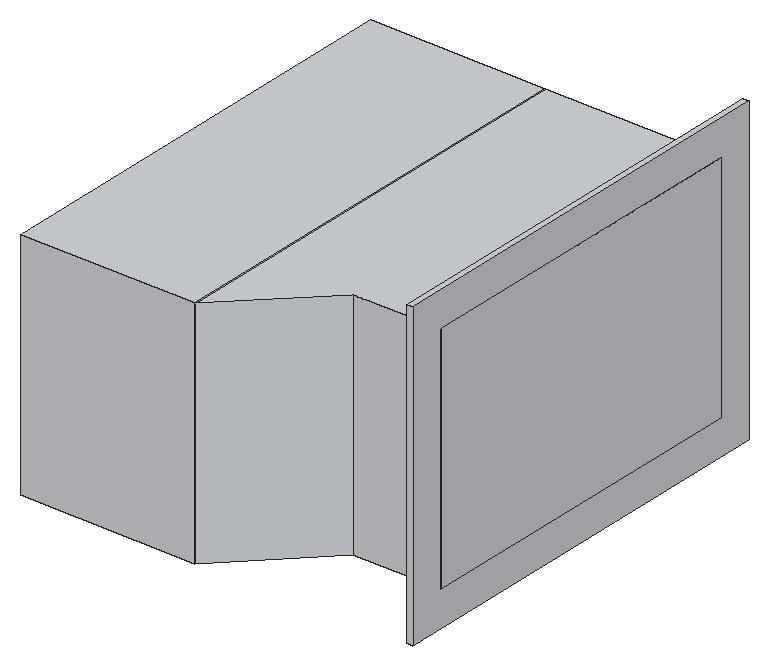
Revit family "RE Schuhstutzen gefast SU - Flansch", category Luftkanalformteile, Revit 2014
Parameters (values of type "Allgemein")
  d [instance] = 300 mm
  c [instance] = 200 mm
  built-in parameter 1114214 [instance] = 150 mm
  built-in parameter 1114213 [instance] = 150 mm
  built-in parameter 1114215 [instance] = (empty or 0)
  a [instance] = c  # 200 mm
  b [instance] = d + Radius  # 375 mm
  Radius [instance] = [built-in parameter 1114213] * 0.5  # 75 mm
  Länge l1 [instance] = Radius + 0.5 * d  # 225 mm
  Horizontaler Profilversatz [instance] = -(b - d) / 2  # -37.5 mm
  Flansch d [instance] = d + Flanschverlängerung * 2  # 360 mm
  Flansch c [instance] = c + Flanschverlängerung * 2  # 260 mm
  Flanschstärke [instance] = 5 mm
  Flanschverlängerung [instance] = 30 mm
Reference planes
  plane 1 "Mitte (vorne/hinten)": y = 0
  plane 2: z = 0
  plane 3 "Mitte (links/rechts)": x = 0
  plane 4: x = -150
  plane 5: x = 150
  plane 6: x = 75
  plane 7: x = 145
  plane 8: y = 180
  plane 9: y = -180
Forms (mm)
  Sweep 1, solid, detail levels medium+fine
    path in 3D
      loop
        line (75, 0, 0) -> (150, 0, 0)
    profile "Luftkanal - rechteckig : Luftkanal - rechteckig 2" origin (112.5, 0, 0) x (0, 1, 0) y (0, 0, 1)
      loop
        line (-150, 100) -> (-150, -100) -> (150, -100) -> (150, 100) -> (-150, 100)
  SweptBlend 2, solid, detail levels medium+fine
    path in 3D
      loop
        line (0, 0, 0) -> (75, 0, 0)
    profile "Luftkanal - rechteckig : Luftkanal - rechteckig 1" origin (0, 0, 0) x (0, 1, 0) y (0, 0, 1)
      loop
        line (-225, 100) -> (-225, -100) -> (150, -100) -> (150, 100) -> (-225, 100)
    end profile "Luftkanal - rechteckig : Luftkanal - rechteckig 2" origin (75, 0, 0) x (0, 1, 0) y (0, 0, 1)
      loop
        line (-150, 100) -> (-150, -100) -> (150, -100) -> (150, 100) -> (-150, 100)
  Sweep 3, solid, detail levels medium+fine
    path in 3D
      loop
        line (-150, 0, 0) -> (0, 0, 0)
    profile "Luftkanal - rechteckig : Luftkanal - rechteckig 1" origin (-75, 0, 0) x (0, 1, 0) y (0, 0, 1)
      loop
        line (-225, 100) -> (-225, -100) -> (150, -100) -> (150, 100) -> (-225, 100)
  Sweep 4, solid, detail levels fine
    path in 3D
      loop
        line (145, 0, 0) -> (150, 0, 0)
    profile "Luftkanal - rechteckig : Luftkanal - Flansch 2" origin (147.5, 0, 0) x (0, 1, 0) y (0, 0, 1)
      loop
        line (-180, 130) -> (-180, -130) -> (180, -130) -> (180, 130) -> (-180, 130)
Cuts and joins
  joined: Sweep 1, SweptBlend 2
Lines and regions (mm)
  reference lines
    curve 1: line (75, 0, 0) -> (150, 0, 0)
    curve 3: line (-150, 0, 0) -> (0, 0, 0)
    curve 4: line (0, 0, 0) -> (75, 0, 0)
    curve 7: line (145, 0, 0) -> (150, 0, 0)
  sketch lines
    curve 2: line (75, 0, 0) -> (150, 0, 0)
    curve 5: line (0, 0, 0) -> (75, 0, 0)
    curve 6: line (-150, 0, 0) -> (0, 0, 0)
    curve 8: line (145, 0, 0) -> (150, 0, 0)
  model lines, detail levels coarse
    curve 9: line (150, 180, 0) -> (150, -180, 0)
Dimensions and locks
  "built-in parameter 1114214": plane 4 to plane 3 "Mitte (links/rechts)"
  "built-in parameter 1114213": plane 3 "Mitte (links/rechts)" to plane 5
  "Radius": plane 3 "Mitte (links/rechts)" to plane 6
  "Flanschstärke": plane 7 to plane 5
  equal spacing: plane 8, plane 1 "Mitte (vorne/hinten)", plane 9
  "Flansch d": plane 8 to plane 9
  aligned and locked: plane 6 to curve 1
  aligned and locked: plane 5 to curve 1
  aligned and locked: plane 1 "Mitte (vorne/hinten)" to curve 1
  aligned and locked: plane 4 to curve 3
  aligned and locked: plane 1 "Mitte (vorne/hinten)" to curve 3
  aligned and locked: plane 3 "Mitte (links/rechts)" to curve 4
  aligned and locked: plane 1 "Mitte (vorne/hinten)" to curve 4
  aligned and locked: plane 7 to curve 7
  aligned and locked: plane 5 to curve 7
  aligned and locked: plane 1 "Mitte (vorne/hinten)" to curve 7
  aligned and locked: plane 8 to curve 9
  aligned and locked: plane 9 to curve 9
  aligned and locked: curve 9 to plane 5
Connectors
  hvac at (0, -37.5, 0), driven by "c", driven by "d"
    settings: on SweptBlend 2, index 1, duct flow 0.0 L/s, flow factor 0, pres drop 0.0 Pa, loss coef 0, conn angle 0.00°, conn width 300 mm, conn height 200 mm, conn diameter 609.6 mm, duct sys type 28, conn prof type 1, flow config 0, flow direction 0, loss method 0, conn ref index 2, conn util no, is conn primary yes, conn desc ""
  hvac at (150, 0, 0), driven by "c", driven by "d"
    settings: on Sweep 1, index 2, duct flow 0.0 L/s, flow factor 0, pres drop 0.0 Pa, loss coef 0, conn angle 0.00°, conn width 300 mm, conn height 200 mm, conn diameter 609.6 mm, duct sys type 28, conn prof type 1, flow config 0, flow direction 0, loss method 0, conn ref index 1, conn util no, is conn primary no, conn desc ""
